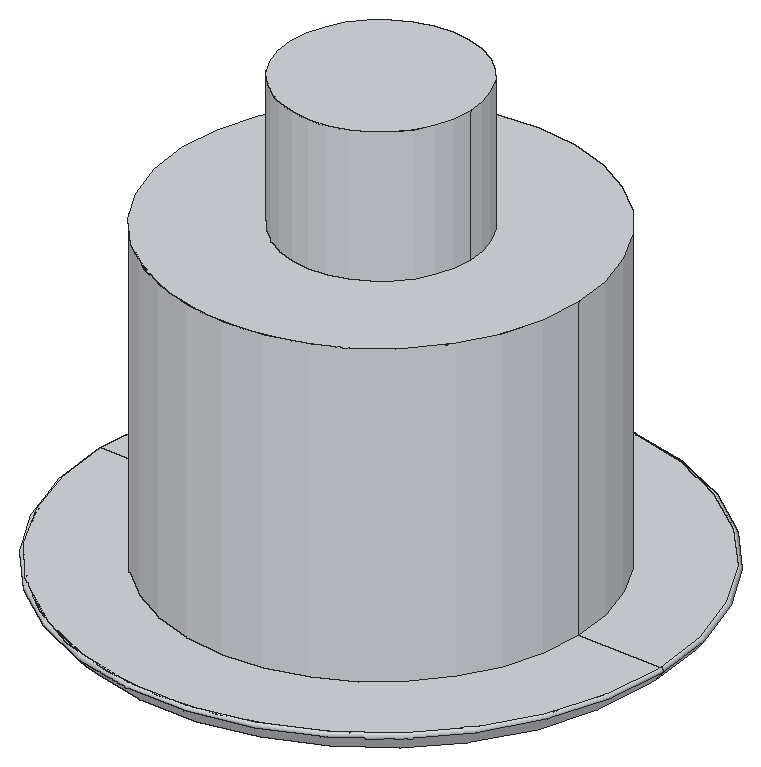
Revit family
Parameters (values of type "RASCO G680 CONCEALED")
  Temperature Rating = 165 °F
  Response = 1
  RASCO SIN # = "RA4762"
  RASCO Part # = "2116173498 & 6887211308"
  Pressure Rating = "175 PSI"
  Pressure Class = (empty or 0)
  Orifice Size = 17/32"
  Orifice = (empty or 0)
  Model = "G680 Concealed HSW"
  Manufacturer = "RASCO"
  K-Factor = 8
  Diameter = 5 5/128"
  Description = "WHITE FINISH"
  Coverage = 1
Reference planes (in)
  plane 1 "Center (Front/Back)": y = 0
  plane 2: z = 0
  plane 3 "Center (Left/Right)": x = 0
Nested families (in)
  nested 1: "RASCO- G680" at (0, 0.12572, 0), type "RASCO G6 CONCEALED"
Connectors (in)
  piping at (0, 0.12572, 2.70579), driven by "Orifice Size"
    settings: on nested 1, index 1, connector radius 17/32", flow factor 0, pipe flow 0 GPM, pressure drop 0.00 psi, fitting loss kfactor 0, connector angle 0.00°, fixture units 0, flow configuration 0, flow direction 0, fitting loss method 0, system type 7, connector reference index -1, connector utility 0, adjustable connector no, is connector primary yes, fitting loss table "", connector description ""
Definition of nested family "RASCO- G680"
  Parameters (values of type "RASCO G6 CONCEALED")
    Type Comments = ""
    Temperature Rating = 0 °F
    Response = (empty or 0)
    Pressure Rating = "0"
    Pressure Class = (empty or 0)
    Orifice Size = 0"
    Orifice = (empty or 0)
    Model = ""
    Manufacturer = ""
    K-Factor = 0
    Coverage = (empty or 0)
    Assembly Code = ""
  Reference planes (in)
    plane 1 "Center (Front/Back)": y = 0
    plane 2: z = 0
    plane 3 "Center (Left/Right)": x = 0
    plane 4 "ref.2": z = 0.181
    plane 5 "ref.3": z = 2.151
  Forms (in)
    Extrusion 1, solid
      sketch origin (0, 0, 0.181) x (-1, 0, 0) y (0, -1, 0)
        loop
          circle (0, 0) r 1.156
      from 0 to 1.745
    Extrusion 2, solid
      sketch origin (0, 0, 1.26779) x (-1, 0, 0) y (0, -1, 0)
        loop
          circle (0, 0) r 0.525
      from 0.65821 to 1.438
    Revolve 3, solid
      sketch origin (0, 0, 0) x (1, 0, 0) y (0, 0, 1)
        loop
          line (0, 0.181) -> (-1.6354, 0.181)
          arc (-1.6354, 0.181) -> (-1.64866, 0.17328) -> (-1.64851, 0.15794) r 0.01525
          arc (-1.64851, 0.15794) -> (-1.53047, 0.04225) -> (-1.37067, 0) r 0.32334
          line (-1.37067, 0) -> (0, 0) -> (0, 0.181)
        axis (0, 0.181) -> (0, 0)
      angle from 0 to 360
